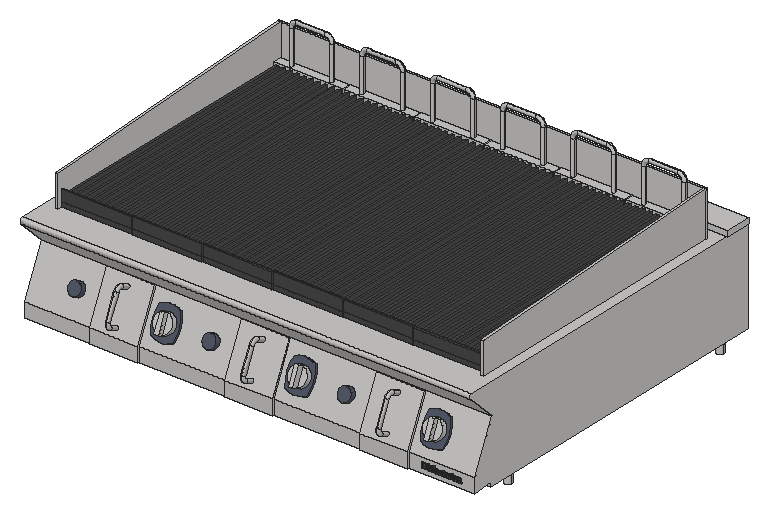
Revit family "QF_ELECTROLUXPROFESSIONAL_391066_E9GRGLGC0P", category Specialty Equipment, Revit 2018
Family settings
  Round Connector Dimension = Use Diameter
  Part Type = Normal
  Work Plane-Based = No
  Always vertical = Yes
  Cut with Voids When Loaded = No
  Shared = No
  Room Calculation Point = No
Parameters
  Width = 1200 mm  # constant formula
  Weight in Pounds = 150  # constant formula
  Watts = 0 W
  URL Cutsheet = "www.electrolux.com"
  URL = "www.electrolux.com"
  Type Mark [instance] = ""
  Status [instance] = ""
  Specification by User [instance] = ""
  Specification by Manufacturer = ""
  Show Logo [instance] = yes
  Show Clearance [instance] = yes
  Serial Number = ""
  Seismic Rating = ""
  SMACNA No = ""
  Revision Code [instance] = ""
  Omniclass Number and Title = ""
  NAFEM Spec ID Number = ""
  Model = "391066"
  Mechanical Remarks [instance] = ""
  Mechanical Connection Type [instance] = ""
  Masterspec = ""
  Manufacturer = "ELECTROLUX"
  Item Number [instance] = ""
  Installed By [instance] = ""
  Identify Quantity as Lot [instance] = yes
  HP = "0 HP"
  Gas Size = 19.1 mm  # 0.75197"
  Gas RI Height [instance] = 0 mm
  Gas KW [instance] = 31.5  # constant formula
  Gas Input [instance] = 31471.1 VA  # 107384.0 Btu/h
  Gas Connection Height = 0 mm
  Furnished By [instance] = ""
  Foodservice Equipment Identifier [instance] = yes
  Direct Waste Size = 0"
  Description = "900XP 1200mm GAS POWERGRILL TOP HP - NATURAL/LPG GAS"
  Depth = 930 mm  # constant formula
  CSI MasterFormat = ""
  CSI Master Format = ""
  Base Height [instance] = 0 mm
Reference planes
  plane 1 "BACK": y = 0
  plane 2: z = 0
  plane 3 "LEFT": x = 0
  plane 4 "RIGHT": x = 1200
  plane 5 "FRONT": y = -930
  plane 6 "TOP": z = 275
  plane 7 "Center Y": x = 600
  plane 8 "Center X": y = -465
  plane 9: z = 24
  plane 10: z = 424
  plane 11: x = 11
  plane 12: x = 1189
  plane 13: y = -1690
  plane 14: x = 1148
Forms (mm)
  Extrusion 1, solid, material "QF_Finishes_Stainless Steel"
    sketch origin (0, 0, 0) x (0, 1, 0) y (0, 0, 1)
      loop
        line (0, 275) -> (-922.639, 275)
        arc (-922.639, 275) -> (-929.44, 270.456) -> (-927.844, 262.434) r 7.361
        line (-927.844, 262.434) -> (-857.044, 191.634) -> (-913.4, 69.19) -> (-913.4, 31.09) -> (-860.028, 36.7) -> (-860.028, 24) -> (0, 24) -> (0, 275)
    from 0 to 1200
  Extrusion 2, solid, material "QF_Finishes_Stainless Steel"
    sketch origin (0, 0, 0) x (1, 0, 0) y (0, 1, 0)
      loop
        circle (11, -80) r 9.525
      loop
        circle (11, -788) r 9.525
      loop
        circle (1189, -80) r 9.525
      loop
        circle (1189, -788) r 9.525
    from 0 to 24
  Extrusion 3, solid, material "QF_Clearances", visible <- "Show Clearance", detail levels coarse
    sketch origin (0, 0, 0) x (1, 0, 0) y (0, 1, 0)
      loop
        line (0, -930) -> (0, 0) -> (1200, 0) -> (1200, -930) -> (1350.119, -930) -> (1350.119, 150.019) -> (-150.019, 150.019) -> (-150.019, -930) -> (0, -930)
    from 0 to 424
  Extrusion 4, solid, material "QF_Finishes_Stainless Steel"
    sketch origin (176.15, -199.714, 0) x (0, 1, 0) y (0, 0, 1)
      loop
        line (-657.416, 191.447) -> (-660.323, 192.784) -> (-716.972, 69.704) -> (-716.972, 30.903) -> (-713.772, 30.903) -> (-713.772, 69.003) -> (-657.416, 191.447)
    from 0 to 127
  Sweep 5, solid, material "QF_Finishes_Stainless Steel"
    path origin (238.65, -199.714, 0) x (0, 1, 0) y (0, 0, 1)
      loop
        line (-670.615, 170.424) -> (-691.243, 179.918)
        arc (-691.243, 179.918) -> (-700.956, 180.294) -> (-708.09, 173.692) r 12.7
        line (-708.09, 173.692) -> (-735.638, 113.839)
        arc (-735.638, 113.839) -> (-736.013, 104.126) -> (-729.411, 96.993) r 12.7
        line (-729.411, 96.993) -> (-708.782, 87.498)
    profile origin (238.65, -880.643, 175.171) x (0, -0.418102, -0.9084) y (1, 0, 0)
      loop
        circle (0, 0) r 4.572
  Extrusion 6, solid, material "QF_Finishes_Navy Blue"
    sketch origin (653.031, -927.103, 39.419) x (0, 0.418102, 0.9084) y (-1, 0, 0)
      loop
        circle (98.862, 174.801) r 17.8
      loop
        circle (98.862, 534.151) r 17.8
      loop
        circle (98.862, -186.549) r 17.8
    from 0 to 12.7
  Extrusion 7, solid, material "QF_Finishes_Stainless Steel"
    sketch origin (648.95, -199.714, 0) x (0, 1, 0) y (0, 0, -1)
      loop
        line (-657.416, -191.447) -> (-713.772, -69.003) -> (-713.772, -30.903) -> (-716.972, -30.903) -> (-716.972, -69.704) -> (-660.323, -192.784) -> (-657.416, -191.447)
    from -13.55 to 113.45
  Sweep 8, solid, material "QF_Finishes_Stainless Steel"
    path origin (600, -199.714, 0) x (0, 1, 0) y (0, 0, -1)
      loop
        line (-670.615, -170.424) -> (-691.243, -179.918)
        arc (-691.243, -179.918) -> (-700.956, -180.294) -> (-708.09, -173.692) r 12.7
        line (-708.09, -173.692) -> (-735.638, -113.839)
        arc (-735.638, -113.839) -> (-736.013, -104.126) -> (-729.411, -96.993) r 12.7
        line (-729.411, -96.993) -> (-708.782, -87.498)
    profile origin (600, -880.643, 175.171) x (0, 0.418102, 0.9084) y (-1, 0, 0)
      loop
        circle (0, 0) r 4.572
  Extrusion 9, solid, material "QF_Door-Drawer Clearances", visible <- "Show Clearance", detail levels coarse
    sketch origin (176.15, -199.714, 0) x (0, 1, 0) y (0, 0, 1)
      loop
        line (-660.323, 192.784) -> (-1409.258, 192.784) -> (-1465.907, 69.704) -> (-1465.907, 30.903) -> (-716.972, 30.903) -> (-716.972, 69.704) -> (-660.323, 192.784)
    from 0 to 127
  Extrusion 10, solid, material "QF_Door-Drawer Clearances", visible <- "Show Clearance", detail levels coarse
    sketch origin (535.5, -199.714, 0) x (0, 1, 0) y (0, 0, 1)
      loop
        line (-660.323, 192.784) -> (-1409.258, 192.784) -> (-1465.907, 69.704) -> (-1465.907, 30.903) -> (-716.972, 30.903) -> (-716.972, 69.704) -> (-660.323, 192.784)
    from 0 to 127
  Sweep 11, solid, material "QF_Door-Drawer Clearances", visible <- "Show Clearance", detail levels coarse
    path origin (238.65, -948.649, 0) x (0, 1, 0) y (0, 0, 1)
      loop
        line (-670.615, 170.424) -> (-691.243, 179.918)
        arc (-691.243, 179.918) -> (-700.956, 180.294) -> (-708.09, 173.692) r 12.7
        line (-708.09, 173.692) -> (-735.638, 113.839)
        arc (-735.638, 113.839) -> (-736.013, 104.126) -> (-729.411, 96.993) r 12.7
        line (-729.411, 96.993) -> (-708.782, 87.498)
    profile origin (238.65, -1629.578, 175.171) x (0, -0.418102, -0.9084) y (1, 0, 0)
      loop
        circle (0, 0) r 4.572
  Sweep 12, solid, material "QF_Door-Drawer Clearances", visible <- "Show Clearance", detail levels coarse
    path origin (600, -948.649, 0) x (0, 1, 0) y (0, 0, -1)
      loop
        line (-670.615, -170.424) -> (-691.243, -179.918)
        arc (-691.243, -179.918) -> (-700.956, -180.294) -> (-708.09, -173.692) r 12.7
        line (-708.09, -173.692) -> (-735.638, -113.839)
        arc (-735.638, -113.839) -> (-736.013, -104.126) -> (-729.411, -96.993) r 12.7
        line (-729.411, -96.993) -> (-708.782, -87.498)
    profile origin (600, -1629.578, 175.171) x (0, 0.418102, 0.9084) y (-1, 0, 0)
      loop
        circle (0, 0) r 4.572
  Extrusion 13, solid, material "QF_Finishes_Black"
    sketch origin (0, 0, 275) x (0, -1, 0) y (1, 0, 0)
      loop
        line (836.985, 36.625) -> (836.985, 222.285) -> (130.285, 222.285) -> (130.285, 36.625) -> (836.985, 36.625)
      loop
        line (836.985, 225.485) -> (836.985, 411.145) -> (130.285, 411.145) -> (130.285, 225.485) -> (836.985, 225.485)
      loop
        line (836.985, 414.345) -> (836.985, 598.45) -> (130.285, 598.45) -> (130.285, 414.345) -> (836.985, 414.345)
      loop
        line (836.985, 1163.375) -> (130.285, 1163.375) -> (130.285, 977.715) -> (836.985, 977.715) -> (836.985, 1163.375)
      loop
        line (836.985, 974.515) -> (130.285, 974.515) -> (130.285, 788.855) -> (836.985, 788.855) -> (836.985, 974.515)
      loop
        line (836.985, 785.655) -> (130.285, 785.655) -> (130.285, 601.55) -> (836.985, 601.55) -> (836.985, 785.655)
    from 0 to 12.7
  Extrusion 14, solid, material "QF_Finishes_Stainless Steel"
    sketch origin (0, 0, 275) x (0, -1, 0) y (1, 0, 0)
      loop
        line (107.795, 36.625) -> (130.285, 36.625) -> (130.285, 222.285) -> (107.795, 222.285) -> (107.795, 36.625)
      loop
        line (107.795, 598.45) -> (107.795, 414.345) -> (130.285, 414.345) -> (130.285, 598.45) -> (107.795, 598.45)
      loop
        line (107.795, 225.485) -> (130.285, 225.485) -> (130.285, 411.145) -> (107.795, 411.145) -> (107.795, 225.485)
      loop
        line (107.795, 1163.375) -> (107.795, 977.715) -> (130.285, 977.715) -> (130.285, 1163.375) -> (107.795, 1163.375)
      loop
        line (107.795, 601.55) -> (130.285, 601.55) -> (130.285, 785.655) -> (107.795, 785.655) -> (107.795, 601.55)
      loop
        line (107.795, 974.515) -> (107.795, 788.855) -> (130.285, 788.855) -> (130.285, 974.515) -> (107.795, 974.515)
    from 0 to 37.056
  Extrusion 15, solid, material "QF_Finishes_Black"
    sketch origin (52.271, -831.985, 287.7) x (-0.153405, 0, 0.988163) y (-0.988163, 0, -0.153405)
      loop
        line (-26.081, -168.002) -> (2.927, -172.505) -> (31.408, 10.957) -> (2.4, 15.46) -> (-26.081, -168.002)
      loop
        line (-55.053, -354.627) -> (-26.045, -359.13) -> (2.436, -175.668) -> (-26.572, -171.164) -> (-55.053, -354.627)
      loop
        line (-83.787, -539.715) -> (-54.779, -544.218) -> (-26.536, -362.292) -> (-55.544, -357.789) -> (-83.787, -539.715)
      loop
        line (-112.505, -724.704) -> (-83.497, -729.207) -> (-55.254, -547.281) -> (-84.262, -542.778) -> (-112.505, -724.704)
      loop
        line (-141.477, -911.328) -> (-112.469, -915.831) -> (-83.988, -732.369) -> (-112.996, -727.866) -> (-141.477, -911.328)
      loop
        line (-170.449, -1097.953) -> (-141.441, -1102.456) -> (-112.96, -918.994) -> (-141.968, -914.49) -> (-170.449, -1097.953)
    from 5 to 0
  Sweep 16, solid, material "QF_Finishes_Stainless Steel"
    path origin (6.123, -118.772, 31.265) x (0, 0, 1) y (-1, 0, 0)
      loop
        line (280.79, -69.374) -> (372.677, -69.374)
        arc (372.677, -69.374) -> (383.453, -73.837) -> (387.917, -84.614) r 15.24
        line (387.917, -84.614) -> (387.917, -162.056)
        arc (387.917, -162.056) -> (383.453, -172.833) -> (372.677, -177.296) r 15.24
        line (372.677, -177.296) -> (280.79, -177.296)
    profile origin (75.497, -118.772, 357.999) x (-1, 0, 0) y (0, -1, 0)
      loop
        circle (0, 0) r 4.572
  Extrusion 17, solid, material "QF_Finishes_Stainless Steel"
    sketch origin (35.025, -104.885, 396.363) x (0, -1, 0) y (0, 0, -1)
      loop
        line (0, 0) -> (743.115, 38.857) -> (743.115, 121.362) -> (0, 121.363) -> (0, 0)
    from 0 to -6.35
  Extrusion 18, solid, material "QF_Finishes_Stainless Steel"
    sketch origin (35.025, -104.885, 275) x (0, 0, 1) y (1, 0, 0)
      loop
        line (0, -6.35) -> (121.363, -6.35) -> (121.363, 1136.3) -> (0, 1136.3) -> (0, -6.35)
    from 0 to 3.2
  Extrusion 19, solid, material "QF_Finishes_Stainless Steel"
    sketch origin (0, 0, 275.7) x (0, -1, 0) y (1, 0, 0)
      loop
        line (0, 1200.1) -> (0, 0) -> (69.85, 0) -> (69.85, 1200.1) -> (0, 1200.1)
    from -0.7 to 14.3
  Extrusion 20, solid, material "QF_Finishes_Stainless Steel"
    sketch origin (764.975, -104.885, 396.363) x (0, -1, 0) y (0, 0, 1)
      loop
        line (0, 0) -> (0, -121.363) -> (743.115, -121.362) -> (743.115, -38.857) -> (0, 0)
    from -406.35 to -400
  Extrusion 21, solid, material "QF_Finishes_Stainless Steel"
    sketch origin (0, -101.6, 24) x (-1, 0, 0) y (0, 1, 0)
      loop
        circle (-1147.9, -561.4) r 9.525
    from 0 to 9
  Extrusion 22, solid, material "QF_Finishes_Stainless Steel"
    sketch origin (0, 0, 0) x (1, 0, 0) y (0, 0, 1)
      loop
        circle (1148, 78) r 9.525
    from 50 to 101.685
  Sweep 23, solid, material "QF_Finishes_Stainless Steel"
    path origin (194.983, -118.772, 31.265) x (0, 0, 1) y (-1, 0, 0)
      loop
        line (280.79, -69.374) -> (372.677, -69.374)
        arc (372.677, -69.374) -> (383.453, -73.837) -> (387.917, -84.614) r 15.24
        line (387.917, -84.614) -> (387.917, -162.056)
        arc (387.917, -162.056) -> (383.453, -172.833) -> (372.677, -177.296) r 15.24
        line (372.677, -177.296) -> (280.79, -177.296)
    profile origin (264.357, -118.772, 357.999) x (-1, 0, 0) y (0, -1, 0)
      loop
        circle (0, 0) r 4.572
  Sweep 24, solid, material "QF_Finishes_Stainless Steel"
    path origin (383.066, -118.772, 31.265) x (0, 0, 1) y (-1, 0, 0)
      loop
        line (280.79, -69.374) -> (372.677, -69.374)
        arc (372.677, -69.374) -> (383.453, -73.837) -> (387.917, -84.614) r 15.24
        line (387.917, -84.614) -> (387.917, -162.056)
        arc (387.917, -162.056) -> (383.453, -172.833) -> (372.677, -177.296) r 15.24
        line (372.677, -177.296) -> (280.79, -177.296)
    profile origin (452.439, -118.772, 357.999) x (-1, 0, 0) y (0, -1, 0)
      loop
        circle (0, 0) r 4.572
  Sweep 25, solid, material "QF_Finishes_Stainless Steel"
    path origin (570.271, -118.772, 31.265) x (0, 0, 1) y (-1, 0, 0)
      loop
        line (280.79, -69.374) -> (372.677, -69.374)
        arc (372.677, -69.374) -> (383.453, -73.837) -> (387.917, -84.614) r 15.24
        line (387.917, -84.614) -> (387.917, -162.056)
        arc (387.917, -162.056) -> (383.453, -172.833) -> (372.677, -177.296) r 15.24
        line (372.677, -177.296) -> (280.79, -177.296)
    profile origin (639.644, -118.772, 357.999) x (-1, 0, 0) y (0, -1, 0)
      loop
        circle (0, 0) r 4.572
  Sweep 26, solid, material "QF_Finishes_Stainless Steel"
    path origin (758.353, -118.772, 31.265) x (0, 0, 1) y (-1, 0, 0)
      loop
        line (280.79, -69.374) -> (372.677, -69.374)
        arc (372.677, -69.374) -> (383.453, -73.837) -> (387.917, -84.614) r 15.24
        line (387.917, -84.614) -> (387.917, -162.056)
        arc (387.917, -162.056) -> (383.453, -172.833) -> (372.677, -177.296) r 15.24
        line (372.677, -177.296) -> (280.79, -177.296)
    profile origin (827.727, -118.772, 357.999) x (-1, 0, 0) y (0, -1, 0)
      loop
        circle (0, 0) r 4.572
  Sweep 27, solid, material "QF_Finishes_Stainless Steel"
    path origin (947.213, -118.772, 31.265) x (0, 0, 1) y (-1, 0, 0)
      loop
        line (280.79, -69.374) -> (372.677, -69.374)
        arc (372.677, -69.374) -> (383.453, -73.837) -> (387.917, -84.614) r 15.24
        line (387.917, -84.614) -> (387.917, -162.056)
        arc (387.917, -162.056) -> (383.453, -172.833) -> (372.677, -177.296) r 15.24
        line (372.677, -177.296) -> (280.79, -177.296)
    profile origin (1016.587, -118.772, 357.999) x (-1, 0, 0) y (0, -1, 0)
      loop
        circle (0, 0) r 4.572
  Extrusion 28, solid, material "QF_Finishes_Stainless Steel"
    sketch origin (1023.85, -199.714, 0) x (0, 1, 0) y (0, 0, -1)
      loop
        line (-657.416, -191.447) -> (-713.772, -69.003) -> (-713.772, -30.903) -> (-716.972, -30.903) -> (-716.972, -69.704) -> (-660.323, -192.784) -> (-657.416, -191.447)
    from 0 to 127
  Sweep 29, solid, material "QF_Finishes_Stainless Steel"
    path origin (961.35, -199.714, 0) x (0, 1, 0) y (0, 0, -1)
      loop
        line (-670.615, -170.424) -> (-691.243, -179.918)
        arc (-691.243, -179.918) -> (-700.956, -180.294) -> (-708.09, -173.692) r 12.7
        line (-708.09, -173.692) -> (-735.638, -113.839)
        arc (-735.638, -113.839) -> (-736.013, -104.126) -> (-729.411, -96.993) r 12.7
        line (-729.411, -96.993) -> (-708.782, -87.498)
    profile origin (961.35, -880.643, 175.171) x (0, 0.418102, 0.9084) y (-1, 0, 0)
      loop
        circle (0, 0) r 4.572
  Extrusion 30, solid, material "QF_Door-Drawer Clearances", visible <- "Show Clearance", detail levels coarse
    sketch origin (1023.85, -199.714, 0) x (0, 1, 0) y (0, 0, -1)
      loop
        line (-660.323, -192.784) -> (-716.972, -69.704) -> (-716.972, -30.903) -> (-1465.907, -30.903) -> (-1465.907, -69.704) -> (-1409.258, -192.784) -> (-660.323, -192.784)
    from 0 to 127
  Sweep 31, solid, material "QF_Door-Drawer Clearances", visible <- "Show Clearance", detail levels coarse
    path origin (961.35, -948.649, 0) x (0, 1, 0) y (0, 0, -1)
      loop
        line (-670.615, -170.424) -> (-691.243, -179.918)
        arc (-691.243, -179.918) -> (-700.956, -180.294) -> (-708.09, -173.692) r 12.7
        line (-708.09, -173.692) -> (-735.638, -113.839)
        arc (-735.638, -113.839) -> (-736.013, -104.126) -> (-729.411, -96.993) r 12.7
        line (-729.411, -96.993) -> (-708.782, -87.498)
    profile origin (961.35, -1629.578, 175.171) x (0, 0.418102, 0.9084) y (-1, 0, 0)
      loop
        circle (0, 0) r 4.572
  Extrusion 32, solid, material "QF_Finishes_Navy Blue"
    sketch origin (-183.02, -913.486, 69.003) x (0, 0.418102, 0.9084) y (-1, 0, 0)
      loop
        arc (102.623, -510.47) -> (67.041, -502.846) -> (31.333, -509.853) r 90.5
        arc (31.333, -509.853) -> (24.507, -539.04) -> (31.333, -568.228) r 65.817
        arc (31.333, -568.228) -> (67.04, -575.188) -> (102.623, -567.615) r 91.066
        arc (102.623, -567.615) -> (109.179, -539.043) -> (102.623, -510.47) r 65.546
    from 0 to 3.175
  Extrusion 33, solid, material "QF_Finishes_Stainless Steel"
    sketch origin (195.73, -917.2, 68.529) x (0, 0.418102, 0.9084) y (-1, 0, 0)
      loop
        circle (68.826, -160.963) r 25.4
    from 0 to 12.7
  Extrusion 34, solid, material "QF_Finishes_Stainless Steel"
    sketch origin (195.73, -928.736, 73.839) x (0, 0.418102, 0.9084) y (-1, 0, 0)
      loop
        arc (93.558, -166.749) -> (94.226, -160.963) -> (93.558, -155.177) r 25.4
        line (93.558, -155.177) -> (44.094, -155.177)
        arc (44.094, -155.177) -> (43.426, -160.963) -> (44.094, -166.749) r 25.4
        line (44.094, -166.749) -> (93.558, -166.749)
    from 0 to 12.7
  Extrusion 35, solid, material "QF_Finishes_Navy Blue", visible <- "Show Logo"
    sketch origin (773.349, -913.486, 37.153) x (0, 0, 1) y (-1, 0, 0)
      loop
        line (20.674, -296.698) -> (8.307, -296.698)
        arc (8.307, -296.698) -> (14.491, -301.27) -> (20.674, -296.698) r 6.467
      loop
        arc (20.674, -296.069) -> (19.505, -290.926) -> (14.849, -288.448) r 6.338
        line (14.849, -288.448) -> (14.849, -290.494)
        arc (14.849, -290.494) -> (16.333, -294.149) -> (19.778, -296.069) r 5.941
        line (19.778, -296.069) -> (20.674, -296.069)
      loop
        arc (9.203, -296.069) -> (12.648, -294.149) -> (14.132, -290.494) r 5.941
        line (14.132, -290.494) -> (14.132, -288.448)
        arc (14.132, -288.448) -> (9.438, -290.922) -> (8.148, -296.069) r 6.504
        line (8.148, -296.069) -> (9.203, -296.069)
      loop
        line (21.349, -287.979) -> (7.604, -287.979) -> (7.604, -301.742) -> (21.349, -301.742) -> (21.349, -287.979)
      loop
        arc (21.432, -304.71) -> (21.085, -304.352) -> (20.718, -304.69) r 0.358
        arc (20.718, -304.69) -> (20.404, -305.44) -> (19.687, -305.825) r 1.216
        line (19.687, -305.825) -> (9.274, -305.825)
        arc (9.274, -305.825) -> (8.614, -305.548) -> (8.218, -304.951) r 1.238
        arc (8.218, -304.951) -> (7.823, -304.7) -> (7.518, -305.054) r 0.358
        line (7.518, -305.054) -> (7.518, -314.933) -> (10.269, -314.933) -> (10.269, -314.036)
        arc (10.269, -314.036) -> (9.36, -313.456) -> (8.904, -312.479) r 1.928
        line (8.904, -312.479) -> (8.904, -309.98)
        arc (8.904, -309.98) -> (9.18, -309.251) -> (9.868, -308.887) r 1.101
        line (9.868, -308.887) -> (13.955, -308.887) -> (13.955, -312.561)
        arc (13.955, -312.561) -> (13.602, -313.058) -> (13.037, -313.286) r 1.083
        arc (13.037, -313.286) -> (12.773, -313.591) -> (13.065, -313.869) r 0.292
        line (13.065, -313.869) -> (16.028, -313.869)
        arc (16.028, -313.869) -> (16.33, -313.596) -> (16.092, -313.266) r 0.305
        arc (16.092, -313.266) -> (15.601, -313.018) -> (15.296, -312.561) r 1.083
        line (15.296, -312.561) -> (15.296, -308.887) -> (19.973, -308.887) -> (19.973, -312.635)
        arc (19.973, -312.635) -> (19.759, -313.39) -> (19.153, -313.888) r 1.314
        arc (19.153, -313.888) -> (18.934, -314.292) -> (19.288, -314.585) r 0.361
        line (19.288, -314.585) -> (21.432, -314.585) -> (21.432, -304.71)
      loop
        arc (20.715, -315.365) -> (20.335, -316.284) -> (19.416, -316.664) r 1.299
        line (19.416, -316.664) -> (9.837, -316.664)
        arc (9.837, -316.664) -> (8.999, -316.286) -> (8.728, -315.408) r 1.118
        line (8.728, -315.408) -> (7.518, -315.408) -> (7.518, -320.758) -> (8.706, -320.758)
        arc (8.706, -320.758) -> (8.978, -319.841) -> (9.848, -319.445) r 1.153
        line (9.848, -319.445) -> (21.92, -319.445) -> (20.715, -315.365)
      loop
        line (12.483, -323.394) -> (12.483, -329.842) -> (13.282, -329.842)
        arc (13.282, -329.842) -> (15.862, -328.857) -> (17.131, -326.404) r 3.874
        line (17.131, -326.404) -> (17.131, -324.643)
        arc (17.131, -324.643) -> (15.944, -321.778) -> (13.08, -320.592) r 4.051
        line (13.08, -320.592) -> (11.072, -320.592)
        arc (11.072, -320.592) -> (8.253, -322.077) -> (7.202, -325.084) r 4.352
        arc (7.202, -325.084) -> (7.566, -327.547) -> (8.943, -329.621) r 5.713
        line (8.943, -329.621) -> (9.892, -329.621)
        arc (9.892, -329.621) -> (9.16, -328.052) -> (8.943, -326.334) r 5.579
        arc (8.943, -326.334) -> (9.737, -324.371) -> (11.616, -323.394) r 3.057
        line (11.616, -323.394) -> (12.483, -323.394)
      loop
        line (13.742, -323.394) -> (13.742, -326.977)
        arc (13.742, -326.977) -> (15.199, -327.024) -> (16.082, -325.864) r 1.59
        line (16.082, -325.864) -> (16.082, -325.034)
        arc (16.082, -325.034) -> (15.217, -323.779) -> (13.742, -323.394) r 2.184
      loop
        arc (16.533, -339.259) -> (17.022, -337.585) -> (17.179, -335.848) r 9.023
        line (17.179, -335.848) -> (17.179, -334.486)
        arc (17.179, -334.486) -> (16.02, -331.686) -> (13.22, -330.527) r 3.959
        line (13.22, -330.527) -> (10.62, -330.527)
        arc (10.62, -330.527) -> (8.338, -331.819) -> (7.221, -334.192) r 4.331
        line (7.221, -334.192) -> (7.221, -336.327)
        arc (7.221, -336.327) -> (7.729, -337.877) -> (8.651, -339.223) r 5.772
        arc (8.651, -339.223) -> (9.412, -339.274) -> (9.499, -338.515) r 0.553
        arc (9.499, -338.515) -> (9.111, -337.781) -> (8.977, -336.962) r 2.573
        line (8.977, -336.962) -> (8.977, -335.447)
        arc (8.977, -335.447) -> (9.983, -333.806) -> (11.798, -333.163) r 2.884
        line (11.798, -333.163) -> (13.077, -333.163)
        arc (13.077, -333.163) -> (14.898, -333.723) -> (15.824, -335.388) r 2.554
        line (15.824, -335.388) -> (15.824, -336.441)
        arc (15.824, -336.441) -> (15.493, -337.369) -> (14.836, -338.104) r 2.564
        arc (14.836, -338.104) -> (14.614, -338.821) -> (15.223, -339.259) r 0.643
        line (15.223, -339.259) -> (16.533, -339.259)
      loop
        line (15.515, -339.53) -> (15.515, -341.031) -> (9.467, -341.031)
        arc (9.467, -341.031) -> (7.879, -341.688) -> (7.221, -343.276) r 2.246
        line (7.221, -343.276) -> (7.221, -344.86)
        arc (7.221, -344.86) -> (7.535, -345.725) -> (8.035, -346.496) r 4.06
        arc (8.035, -346.496) -> (8.768, -346.629) -> (9.019, -345.928) r 0.576
        arc (9.019, -345.928) -> (8.913, -345.403) -> (8.977, -344.87) r 1.69
        arc (8.977, -344.87) -> (9.519, -344.082) -> (10.425, -343.779) r 1.506
        line (10.425, -343.779) -> (15.563, -343.779) -> (15.563, -346.176) -> (16.119, -346.733) -> (16.941, -346.733) -> (16.941, -343.873) -> (20.172, -343.873) -> (15.515, -339.53)
      loop
        line (7.438, -347.63) -> (7.438, -353.017) -> (8.548, -353.017)
        arc (8.548, -353.017) -> (8.942, -352.066) -> (9.893, -351.672) r 1.345
        line (9.893, -351.672) -> (13.509, -351.672)
        arc (13.509, -351.672) -> (14.274, -352.264) -> (14.564, -353.186) r 1.615
        line (14.564, -353.186) -> (14.564, -354.742) -> (17.119, -355.427) -> (17.119, -354.044) -> (15.177, -351.485) -> (17.057, -351.485) -> (16.773, -348.779)
        arc (16.773, -348.779) -> (16.333, -348.249) -> (15.674, -348.45) r 0.621
        arc (15.674, -348.45) -> (15.274, -348.792) -> (14.78, -348.975) r 1.501
        line (14.78, -348.975) -> (9.893, -348.975)
        arc (9.893, -348.975) -> (8.942, -348.581) -> (8.548, -347.63) r 1.345
        line (8.548, -347.63) -> (7.438, -347.63)
      loop
        line (13.54, -354.964) -> (10.848, -354.964)
        arc (10.848, -354.964) -> (8.403, -356.272) -> (7.269, -358.803) r 4.288
        arc (7.269, -358.803) -> (7.205, -360.183) -> (7.269, -361.563) r 15.022
        arc (7.269, -361.563) -> (8.403, -364.094) -> (10.848, -365.401) r 4.288
        line (10.848, -365.401) -> (13.54, -365.401)
        arc (13.54, -365.401) -> (15.986, -364.094) -> (17.119, -361.563) r 4.288
        arc (17.119, -361.563) -> (17.183, -360.183) -> (17.119, -358.803) r 15.022
        arc (17.119, -358.803) -> (15.986, -356.272) -> (13.54, -354.964) r 4.288
      loop
        line (13.745, -358.078) -> (10.643, -358.078)
        arc (10.643, -358.078) -> (8.486, -360.235) -> (10.643, -362.392) r 2.157
        line (10.643, -362.392) -> (13.745, -362.392)
        arc (13.745, -362.392) -> (15.902, -360.235) -> (13.745, -358.078) r 2.157
      loop
        arc (20.726, -365.26) -> (20.355, -366.154) -> (19.461, -366.524) r 1.264
        line (19.461, -366.524) -> (9.597, -366.524)
        arc (9.597, -366.524) -> (8.727, -366.127) -> (8.455, -365.211) r 1.153
        line (8.455, -365.211) -> (7.518, -365.211) -> (7.518, -370.319) -> (8.446, -370.319)
        arc (8.446, -370.319) -> (8.805, -369.547) -> (9.597, -369.232) r 1.153
        line (9.597, -369.232) -> (21.92, -369.232) -> (20.726, -365.26)
      loop
        arc (15.846, -369.857) -> (15.647, -370.921) -> (14.678, -371.403) r 1.215
        line (14.678, -371.403) -> (9.658, -371.403)
        arc (9.658, -371.403) -> (8.043, -372.051) -> (7.322, -373.634) r 2.338
        line (7.322, -373.634) -> (7.322, -375.148)
        arc (7.322, -375.148) -> (7.497, -376.152) -> (7.999, -377.038) r 2.979
        line (7.999, -377.038) -> (7.518, -378.835) -> (7.518, -380.524) -> (16.943, -380.524) -> (16.649, -376.32) -> (15.863, -376.32)
        arc (15.863, -376.32) -> (15.507, -377.156) -> (14.755, -377.665) r 1.605
        line (14.755, -377.665) -> (9.652, -377.665)
        arc (9.652, -377.665) -> (9.232, -376.728) -> (9.159, -375.704) r 2.94
        arc (9.159, -375.704) -> (9.72, -374.603) -> (10.873, -374.16) r 1.724
        line (10.873, -374.16) -> (17.07, -374.16) -> (15.846, -369.857)
      loop
        line (16.874, -381.377) -> (15.202, -383.423) -> (12.028, -385.729) -> (8.572, -382.617)
        arc (8.572, -382.617) -> (8.335, -382.223) -> (8.357, -381.764) r 0.789
        line (8.357, -381.764) -> (7.518, -381.764) -> (7.518, -385.309) -> (8.344, -385.309)
        arc (8.344, -385.309) -> (8.686, -384.947) -> (9.176, -385.039) r 0.52
        line (9.176, -385.039) -> (10.976, -386.51) -> (8.858, -387.886)
        arc (8.858, -387.886) -> (8.457, -387.576) -> (8.37, -387.076) r 0.7
        line (8.37, -387.076) -> (7.518, -387.076) -> (7.518, -393.003) -> (8.405, -393.003)
        arc (8.405, -393.003) -> (8.472, -392.344) -> (8.866, -391.813) r 1.247
        line (8.866, -391.813) -> (13.066, -388.532) -> (15.513, -390.585) -> (16.874, -392.327) -> (16.874, -388.604) -> (15.389, -389.026) -> (13.868, -387.749) -> (15.568, -386.559) -> (16.874, -387.336) -> (16.874, -381.377)
    from 0 to 1.644
  Extrusion 36, solid, material "QF_Finishes_Navy Blue"
    sketch origin (176.33, -913.486, 69.003) x (0, 0.418102, 0.9084) y (-1, 0, 0)
      loop
        arc (102.623, -510.47) -> (67.041, -502.846) -> (31.333, -509.853) r 90.5
        arc (31.333, -509.853) -> (24.507, -539.04) -> (31.333, -568.228) r 65.817
        arc (31.333, -568.228) -> (67.04, -575.188) -> (102.623, -567.615) r 91.066
        arc (102.623, -567.615) -> (109.179, -539.043) -> (102.623, -510.47) r 65.546
    from 0 to 3.175
  Extrusion 37, solid, material "QF_Finishes_Stainless Steel"
    sketch origin (555.08, -917.2, 68.529) x (0, 0.418102, 0.9084) y (-1, 0, 0)
      loop
        circle (68.826, -160.963) r 25.4
    from 0 to 12.7
  Extrusion 38, solid, material "QF_Finishes_Stainless Steel"
    sketch origin (555.08, -928.736, 73.839) x (0, 0.418102, 0.9084) y (-1, 0, 0)
      loop
        arc (93.558, -166.749) -> (94.226, -160.963) -> (93.558, -155.177) r 25.4
        line (93.558, -155.177) -> (44.094, -155.177)
        arc (44.094, -155.177) -> (43.426, -160.963) -> (44.094, -166.749) r 25.4
        line (44.094, -166.749) -> (93.558, -166.749)
    from 0 to 12.7
  Extrusion 39, solid, material "QF_Finishes_Navy Blue"
    sketch origin (537.68, -913.486, 69.003) x (0, 0.418102, 0.9084) y (-1, 0, 0)
      loop
        arc (102.623, -510.47) -> (67.041, -502.846) -> (31.333, -509.853) r 90.5
        arc (31.333, -509.853) -> (24.507, -539.04) -> (31.333, -568.228) r 65.817
        arc (31.333, -568.228) -> (67.04, -575.188) -> (102.623, -567.615) r 91.066
        arc (102.623, -567.615) -> (109.179, -539.043) -> (102.623, -510.47) r 65.546
    from 0 to 3.175
  Extrusion 40, solid, material "QF_Finishes_Stainless Steel"
    sketch origin (916.43, -917.2, 68.529) x (0, 0.418102, 0.9084) y (-1, 0, 0)
      loop
        circle (68.826, -160.963) r 25.4
    from 0 to 12.7
  Extrusion 41, solid, material "QF_Finishes_Stainless Steel"
    sketch origin (916.43, -928.736, 73.839) x (0, 0.418102, 0.9084) y (-1, 0, 0)
      loop
        arc (93.558, -166.749) -> (94.226, -160.963) -> (93.558, -155.177) r 25.4
        line (93.558, -155.177) -> (44.094, -155.177)
        arc (44.094, -155.177) -> (43.426, -160.963) -> (44.094, -166.749) r 25.4
        line (44.094, -166.749) -> (93.558, -166.749)
    from 0 to 12.7
Lines and regions (mm)
  Split face 1
    outline origin (-183.02, -916.37, 70.33) x (0, 0.418102, 0.9084) y (-1, 0, 0)
      loop
        arc (67.041, -503.158) -> (48.669, -506.69) -> (35.363, -519.842) r 32.191
        line (35.363, -519.842) -> (45.047, -525.087)
        arc (45.047, -525.087) -> (54.648, -516.737) -> (67.041, -513.859) r 26.351
        line (67.041, -513.859) -> (67.041, -503.158)
  Split face 2
    outline origin (-183.02, -916.37, 70.33) x (0, 0.418102, 0.9084) y (-1, 0, 0)
      loop
        line (44.251, -526.293) -> (34.615, -521.075)
        arc (34.615, -521.075) -> (41.047, -560.592) -> (81.049, -562.261) r 31.684
        arc (81.049, -562.261) -> (48.21, -559.05) -> (44.251, -526.293) r 26.351
  Split face 3
    outline origin (176.33, -916.37, 70.33) x (0, 0.418102, 0.9084) y (-1, 0, 0)
      loop
        arc (67.041, -503.158) -> (48.669, -506.69) -> (35.363, -519.842) r 32.191
        line (35.363, -519.842) -> (45.047, -525.087)
        arc (45.047, -525.087) -> (54.648, -516.737) -> (67.041, -513.859) r 26.351
        line (67.041, -513.859) -> (67.041, -503.158)
  Split face 4
    outline origin (176.33, -916.37, 70.33) x (0, 0.418102, 0.9084) y (-1, 0, 0)
      loop
        line (44.251, -526.293) -> (34.615, -521.075)
        arc (34.615, -521.075) -> (41.047, -560.592) -> (81.049, -562.261) r 31.684
        arc (81.049, -562.261) -> (48.21, -559.05) -> (44.251, -526.293) r 26.351
  Split face 5
    outline origin (537.68, -916.37, 70.33) x (0, 0.418102, 0.9084) y (-1, 0, 0)
      loop
        arc (67.041, -503.158) -> (48.669, -506.69) -> (35.363, -519.842) r 32.191
        line (35.363, -519.842) -> (45.047, -525.087)
        arc (45.047, -525.087) -> (54.648, -516.737) -> (67.041, -513.859) r 26.351
        line (67.041, -513.859) -> (67.041, -503.158)
  Split face 6
    outline origin (537.68, -916.37, 70.33) x (0, 0.418102, 0.9084) y (-1, 0, 0)
      loop
        line (44.251, -526.293) -> (34.615, -521.075)
        arc (34.615, -521.075) -> (41.047, -560.592) -> (81.049, -562.261) r 31.684
        arc (81.049, -562.261) -> (48.21, -559.05) -> (44.251, -526.293) r 26.351
  symbolic lines, style "QF_Door-Drawer Clearances"
    curve 1: line (303.15, -1665.621, 0) -> (303.15, -930, 0)
    curve 2: line (303.15, -1665.621, 0) -> (243.222, -1665.621, 0)
    curve 3: line (176.15, -1665.621, 0) -> (176.15, -930, 0)
    curve 4: spline (238.65, -1617.352, 0) -> (239.247, -1617.369, 0) -> (239.833, -1617.417, 0) -> (240.4, -1617.498, 0) -> (240.936, -1617.608, 0) -> (241.433, -1617.747, 0) -> (241.883, -1617.912, 0) -> (242.277, -1618.1, 0) -> (242.609, -1618.308, 0) -> (242.874, -1618.532, 0) -> (243.066, -1618.769, 0) -> (243.183, -1619.014, 0) -> (243.222, -1619.264, 0)
    curve 5: spline (234.078, -1619.264, 0) -> (234.117, -1619.014, 0) -> (234.234, -1618.769, 0) -> (234.426, -1618.532, 0) -> (234.691, -1618.308, 0) -> (235.023, -1618.1, 0) -> (235.417, -1617.912, 0) -> (235.867, -1617.747, 0) -> (236.364, -1617.608, 0) -> (236.9, -1617.498, 0) -> (237.467, -1617.417, 0) -> (238.053, -1617.369, 0) -> (238.65, -1617.352, 0)
    curve 6: line (243.222, -1619.264, 0) -> (243.222, -1685.435, 0)
    curve 7: line (234.078, -1619.264, 0) -> (234.078, -1685.435, 0)
    curve 8: arc (234.078, -1685.435, 0) -> (238.65, -1690.007, 0) -> (243.222, -1685.435, 0) r 4.572
    curve 9: line (662.5, -1665.621, 0) -> (662.5, -930, 0)
    curve 10: line (662.5, -1665.621, 0) -> (604.572, -1665.621, 0)
    curve 11: line (535.5, -1665.621, 0) -> (535.5, -930, 0)
    curve 12: spline (600, -1617.352, 0) -> (600.597, -1617.369, 0) -> (601.183, -1617.417, 0) -> (601.75, -1617.498, 0) -> (602.286, -1617.608, 0) -> (602.783, -1617.747, 0) -> (603.233, -1617.912, 0) -> (603.627, -1618.1, 0) -> (603.959, -1618.308, 0) -> (604.224, -1618.532, 0) -> (604.416, -1618.769, 0) -> (604.533, -1619.014, 0) -> (604.572, -1619.264, 0)
    curve 13: spline (595.428, -1619.264, 0) -> (595.467, -1619.014, 0) -> (595.584, -1618.769, 0) -> (595.776, -1618.532, 0) -> (596.041, -1618.308, 0) -> (596.373, -1618.1, 0) -> (596.767, -1617.912, 0) -> (597.217, -1617.747, 0) -> (597.714, -1617.608, 0) -> (598.25, -1617.498, 0) -> (598.817, -1617.417, 0) -> (599.403, -1617.369, 0) -> (600, -1617.352, 0)
    curve 14: line (604.572, -1619.264, 0) -> (604.572, -1685.435, 0)
    curve 15: line (595.428, -1619.264, 0) -> (595.428, -1685.435, 0)
    curve 16: arc (595.428, -1685.435, 0) -> (600, -1690.007, 0) -> (604.572, -1685.435, 0) r 4.572
    curve 17: line (595.428, -1665.621, 0) -> (535.5, -1665.621, 0)
    curve 18: line (234.078, -1665.621, 0) -> (176.15, -1665.621, 0)
    curve 89: line (896.85, -1665.621, 0) -> (896.85, -930, 0)
    curve 90: line (896.85, -1665.621, 0) -> (956.778, -1665.621, 0)
    curve 91: line (1023.85, -1665.621, 0) -> (1023.85, -930, 0)
    curve 92: spline (961.35, -1617.352, 0) -> (960.753, -1617.369, 0) -> (960.167, -1617.417, 0) -> (959.6, -1617.498, 0) -> (959.064, -1617.608, 0) -> (958.567, -1617.747, 0) -> (958.117, -1617.912, 0) -> (957.723, -1618.1, 0) -> (957.391, -1618.308, 0) -> (957.126, -1618.532, 0) -> (956.934, -1618.769, 0) -> (956.817, -1619.014, 0) -> (956.778, -1619.264, 0)
    curve 93: spline (965.922, -1619.264, 0) -> (965.883, -1619.014, 0) -> (965.766, -1618.769, 0) -> (965.574, -1618.532, 0) -> (965.309, -1618.308, 0) -> (964.977, -1618.1, 0) -> (964.583, -1617.912, 0) -> (964.133, -1617.747, 0) -> (963.636, -1617.608, 0) -> (963.1, -1617.498, 0) -> (962.533, -1617.417, 0) -> (961.947, -1617.369, 0) -> (961.35, -1617.352, 0)
    curve 94: line (956.778, -1619.264, 0) -> (956.778, -1685.435, 0)
    curve 95: line (965.922, -1619.264, 0) -> (965.922, -1685.435, 0)
    curve 96: arc (965.922, -1685.435, 0) -> (961.35, -1690.007, 0) -> (956.778, -1685.435, 0) r 4.572
    curve 97: line (965.922, -1665.621, 0) -> (1023.85, -1665.621, 0)
  symbolic lines, style "QF_Clearances", visible <- "Show Clearance", detail levels coarse
    curve 19: line (1350.119, -930, 0) -> (1350.119, 150.019, 0)
    curve 20: line (1350.119, 150.019, 0) -> (-150.019, 150.019, 0)
    curve 21: line (-150.019, 150.019, 0) -> (-150.019, -930, 0)
  symbolic lines
    curve 22: line (0, -930, 0) -> (1200, -930, 0)
    curve 23: line (0, 0, 0) -> (0, -930, 0)
    curve 24: line (1200, 0, 0) -> (0, 0, 0)
    curve 25: line (1200, -930, 0) -> (1200, 0, 0)
    curve 26: line (0, -69.85, 0) -> (1200, -69.85, 0)
    curve 27: line (1171.325, -848, 0) -> (1171.325, -98.535, 0)
    curve 28: line (35.025, -104.885, 0) -> (1164.975, -104.885, 0)
    curve 29: line (1164.975, -104.885, 0) -> (1164.975, -848, 0)
    curve 30: line (36.625, -836.985, 0) -> (222.285, -836.985, 0)
    curve 31: line (222.285, -831.985, 0) -> (36.625, -831.985, 0)
    curve 32: line (598.45, -831.985, 0) -> (414.345, -831.985, 0)
    curve 33: line (601.55, -836.985, 0) -> (785.655, -836.985, 0)
    curve 34: line (785.655, -831.985, 0) -> (601.55, -831.985, 0)
    curve 35: line (788.855, -836.985, 0) -> (974.515, -836.985, 0)
    curve 36: line (1163.375, -831.985, 0) -> (977.715, -831.985, 0)
    curve 37: line (1164.975, -848, 0) -> (1171.325, -848, 0)
    curve 38: line (28.675, -848, 0) -> (28.675, -98.535, 0)
    curve 39: line (35.025, -104.885, 0) -> (35.025, -848, 0)
    curve 40: line (35.025, -848, 0) -> (28.675, -848, 0)
    curve 41: line (28.675, -98.535, 0) -> (1171.325, -98.535, 0)
    curve 42: line (222.285, -836.985, 0) -> (222.285, -107.795, 0)
    curve 43: line (222.285, -107.795, 0) -> (36.625, -107.795, 0)
    curve 44: line (36.625, -130.285, 0) -> (222.285, -130.285, 0)
    curve 45: line (36.625, -107.795, 0) -> (36.625, -836.985, 0)
    curve 46: line (75.471, -123.344, 0) -> (183.439, -123.344, 0)
    curve 47: line (75.471, -114.2, 0) -> (183.439, -114.2, 0)
    curve 48: arc (183.439, -114.2, 0) -> (188.011, -118.772, 0) -> (183.439, -123.344, 0) r 4.572
    curve 49: arc (75.471, -114.2, 0) -> (70.899, -118.772, 0) -> (75.471, -123.344, 0) r 4.572
    curve 50: line (225.485, -836.985, 0) -> (411.145, -836.985, 0)
    curve 51: line (411.145, -836.985, 0) -> (411.145, -107.795, 0)
    curve 52: line (411.145, -107.795, 0) -> (225.485, -107.795, 0)
    curve 53: line (225.485, -130.285, 0) -> (411.145, -130.285, 0)
    curve 54: line (225.485, -107.795, 0) -> (225.485, -836.985, 0)
    curve 55: line (414.345, -836.985, 0) -> (414.345, -107.795, 0)
    curve 56: line (598.45, -107.795, 0) -> (414.345, -107.795, 0)
    curve 57: line (414.345, -130.285, 0) -> (598.45, -130.285, 0)
    curve 58: line (598.45, -836.985, 0) -> (598.45, -107.795, 0)
    curve 59: line (601.55, -836.985, 0) -> (601.55, -107.795, 0)
    curve 60: line (411.145, -831.985, 0) -> (225.485, -831.985, 0)
    curve 61: line (785.655, -836.985, 0) -> (785.655, -107.795, 0)
    curve 62: line (788.855, -836.985, 0) -> (788.855, -107.795, 0)
    curve 63: line (974.515, -836.985, 0) -> (974.515, -107.795, 0)
    curve 64: line (977.715, -836.985, 0) -> (977.715, -107.795, 0)
    curve 65: line (1163.375, -836.985, 0) -> (1163.375, -107.795, 0)
    curve 66: line (974.515, -831.985, 0) -> (788.855, -831.985, 0)
    curve 67: line (977.715, -836.985, 0) -> (1163.375, -836.985, 0)
    curve 68: line (598.45, -836.985, 0) -> (414.345, -836.985, 0)
    curve 69: line (264.331, -123.344, 0) -> (372.299, -123.344, 0)
    curve 70: line (264.331, -114.2, 0) -> (372.299, -114.2, 0)
    curve 71: arc (372.299, -114.2, 0) -> (376.871, -118.772, 0) -> (372.299, -123.344, 0) r 4.572
    curve 72: arc (264.331, -114.2, 0) -> (259.759, -118.772, 0) -> (264.331, -123.344, 0) r 4.572
    curve 73: line (452.413, -123.344, 0) -> (560.382, -123.344, 0)
    curve 74: line (452.413, -114.2, 0) -> (560.382, -114.2, 0)
    curve 75: arc (560.382, -114.2, 0) -> (564.954, -118.772, 0) -> (560.382, -123.344, 0) r 4.572
    curve 76: arc (452.413, -114.2, 0) -> (447.841, -118.772, 0) -> (452.413, -123.344, 0) r 4.572
    curve 77: line (639.618, -123.344, 0) -> (747.587, -123.344, 0)
    curve 78: line (639.618, -114.2, 0) -> (747.587, -114.2, 0)
    curve 79: arc (747.587, -114.2, 0) -> (752.159, -118.772, 0) -> (747.587, -123.344, 0) r 4.572
    curve 80: arc (639.618, -114.2, 0) -> (635.046, -118.772, 0) -> (639.618, -123.344, 0) r 4.572
    curve 81: line (827.701, -123.344, 0) -> (935.669, -123.344, 0)
    curve 82: line (827.701, -114.2, 0) -> (935.669, -114.2, 0)
    curve 83: arc (935.669, -114.2, 0) -> (940.241, -118.772, 0) -> (935.669, -123.344, 0) r 4.572
    curve 84: arc (827.701, -114.2, 0) -> (823.129, -118.772, 0) -> (827.701, -123.344, 0) r 4.572
    curve 85: line (1016.561, -123.344, 0) -> (1124.529, -123.344, 0)
    curve 86: line (1016.561, -114.2, 0) -> (1124.529, -114.2, 0)
    curve 87: arc (1124.529, -114.2, 0) -> (1129.101, -118.772, 0) -> (1124.529, -123.344, 0) r 4.572
    curve 88: arc (1016.561, -114.2, 0) -> (1011.989, -118.772, 0) -> (1016.561, -123.344, 0) r 4.572
    curve 98: line (974.515, -107.795, 0) -> (788.855, -107.795, 0)
    curve 99: line (1163.375, -107.795, 0) -> (977.715, -107.795, 0)
    curve 100: line (785.655, -107.795, 0) -> (601.55, -107.795, 0)
Dimensions and locks
  equal spacing: plane 3 "LEFT", plane 7 "Center Y", plane 4 "RIGHT"
  "Width": plane 3 "LEFT" to plane 4 "RIGHT"
  equal spacing: plane 5 "FRONT", plane 8 "Center X", plane 1 "BACK"
  "Depth": plane 5 "FRONT" to plane 1 "BACK"
  plane 6 "TOP" to level = 275 mm
  plane 9 to level = 24 mm  (x2)
  plane 6 "TOP" to plane 9 = 251 mm  (x2)
  plane 10 to level = 424 mm
  plane 10 to plane 9 = 400 mm
  locked: plane 11 to plane 3 "LEFT" at 11
  locked: plane 4 "RIGHT" to plane 12 at 11
  plane 11 to plane 12 = 1178 mm
  plane 1 "BACK" to plane 13 = 1690 mm
  plane 1 "BACK" to Extrusion 2 to Extrusion 2 to plane 5 "FRONT" = 80 mm, 708 mm, 142 mm
  plane 14 to plane 4 "RIGHT" = 52 mm
  plane 1 "BACK" to Extrusion 22 = 50 mm
  equal spacing: group 1, group 3, group 4, group 5, group 6, group 7, group 8, group 9, group 10, group 2  (x3)
  Extrusion 22 to plane 9 = 54 mm
  Extrusion 19 to plane 9 = 266 mm
  Extrusion 21 to plane 1 "BACK" = 663 mm
  aligned and locked: level to plane 2
Automatic sketch dimensions
  plane 5 "FRONT" to curve 21 = 0 mm
  curve 22 to plane 3 "LEFT" = 0 mm
  plane 5 "FRONT" to curve 3 = 0 mm
  curve 12 to plane 7 "Center Y" = 0 mm
  curve 16 to plane 7 "Center Y" = 0 mm
  curve 26 to plane 4 "RIGHT" = 0 mm
  plane 5 "FRONT" to curve 19 = 0 mm
  plane 1 "BACK" to curve 24 = 0 mm
  curve 20 to plane 3 "LEFT" = 150.019 mm
  curve 41 to plane 11 = 17.675 mm
  curve 38 to curve 39 = 6.35 mm
  curve 39 to curve 31 = 1.6 mm
  curve 44 to curve 49 = 38.846 mm
  plane 13 to curve 18 = 24.379 mm
  curve 18 to plane 11 = 165.15 mm
  curve 49 to curve 48 = 107.969 mm
  curve 47 to curve 43 = 38.846 mm
  curve 42 to curve 54 = 3.2 mm
  curve 3 to curve 5 = 57.928 mm
  curve 4 to curve 5 = 0 mm  (x2)
  curve 5 to curve 5 = 4.572 mm
  curve 52 to curve 72 = 38.846 mm
  plane 13 to curve 2 = 24.379 mm
  curve 2 to curve 2 = 59.928 mm
  curve 69 to curve 71 = 107.969 mm
  curve 1 to curve 50 = 107.995 mm
  curve 50 to curve 55 = 3.2 mm
  curve 55 to curve 74 = 38.068 mm
  plane 13 to curve 11 = 24.379 mm
  curve 11 to plane 7 "Center Y" = 64.5 mm
  curve 75 to plane 7 "Center Y" = 39.618 mm
  curve 15 to curve 16 = 4.572 mm
  curve 57 to plane 7 "Center Y" = 1.55 mm
  plane 7 "Center Y" to curve 59 = 1.55 mm
  plane 7 "Center Y" to curve 77 = 39.618 mm
  plane 13 to curve 10 = 24.379 mm
  curve 10 to curve 10 = 57.928 mm
  curve 80 to curve 79 = 107.969 mm
  curve 9 to curve 33 = 123.155 mm
  curve 34 to curve 66 = 3.2 mm
  curve 62 to curve 81 = 38.846 mm
  curve 35 to curve 89 = 107.995 mm
  curve 84 to curve 83 = 107.969 mm
  curve 89 to curve 94 = 59.928 mm
  curve 92 to curve 92 = 4.572 mm
  curve 96 to curve 96 = 4.572 mm
  curve 89 to curve 35 = 77.665 mm
  curve 35 to curve 67 = 3.2 mm
  curve 64 to curve 88 = 38.846 mm
  plane 13 to curve 91 = 24.379 mm
  curve 97 to curve 91 = 57.928 mm
  plane 14 to curve 87 = 23.471 mm
  curve 65 to plane 14 = 15.375 mm
  curve 65 to curve 29 = 1.6 mm
  curve 29 to curve 27 = 6.35 mm
  curve 19 to plane 4 "RIGHT" = 150.119 mm
  plane 13 to curve 6 = 4.565 mm
  plane 13 to curve 15 = 4.565 mm
  plane 13 to curve 94 = 4.565 mm
  plane 13 to curve 89 = 24.379 mm
  curve 17 to curve 13 = 46.357 mm
  curve 18 to curve 5 = 46.357 mm
  curve 13 to curve 14 = 0 mm
  curve 97 to curve 92 = 46.357 mm
  curve 93 to curve 92 = 0 mm
  curve 4 to curve 4 = 1.912 mm
  curve 12 to curve 13 = 1.912 mm
  curve 92 to curve 93 = 1.912 mm
  curve 37 to plane 5 "FRONT" = 82 mm
  curve 40 to plane 5 "FRONT" = 82 mm
  curve 35 to plane 5 "FRONT" = 93.015 mm
  curve 68 to plane 5 "FRONT" = 93.015 mm
  curve 30 to plane 5 "FRONT" = 93.015 mm
  curve 58 to curve 33 = 0 mm
  curve 29 to curve 67 = 11.015 mm
  curve 30 to curve 50 = 0 mm
  curve 35 to curve 66 = 5 mm
  curve 30 to curve 31 = 5 mm
  curve 31 to curve 60 = 0 mm
  curve 66 to curve 36 = 0 mm
  curve 58 to curve 32 = 5 mm
  curve 34 to curve 66 = 0 mm
  plane 1 "BACK" to curve 44 = 130.285 mm
  curve 44 to curve 53 = 0 mm
  curve 44 to curve 46 = 6.941 mm
  curve 53 to curve 71 = 6.941 mm
  curve 57 to curve 73 = 6.941 mm
  plane 1 "BACK" to curve 84 = 123.344 mm
  curve 57 to curve 77 = 6.941 mm
  curve 77 to curve 80 = 4.572 mm
  curve 83 to curve 83 = 4.572 mm
  curve 69 to curve 71 = 4.572 mm
  curve 73 to curve 76 = 4.572 mm
  curve 85 to curve 87 = 4.572 mm
  curve 46 to curve 49 = 4.572 mm
  curve 44 to curve 43 = 22.49 mm
  curve 83 to curve 63 = 6.405 mm
  curve 61 to curve 62 = 0 mm
  curve 57 to curve 59 = 22.49 mm
  curve 63 to curve 64 = 0 mm
  curve 57 to curve 56 = 22.49 mm
  curve 87 to curve 65 = 6.405 mm
  curve 51 to curve 55 = 0 mm
  curve 43 to curve 39 = 2.91 mm
  curve 28 to curve 38 = 6.35 mm
  curve 27 to curve 26 = 28.685 mm
  curve 20 to plane 1 "BACK" = 150.019 mm
  Extrusion 1 sketch curve to plane 6 "TOP" = 0 mm
  Extrusion 1 sketch curve to plane 9 = 0 mm
  Extrusion 1 sketch curve to plane 1 "BACK" = 0 mm
  Extrusion 1 sketch curve to plane 5 "FRONT" = 72.956 mm
  plane 9 to Extrusion 1 sketch curve = 12.7 mm
  Extrusion 1 sketch curve to plane 5 "FRONT" = 69.972 mm
  plane 9 to Extrusion 1 sketch curve = 7.09 mm
  Extrusion 1 sketch curve to plane 5 "FRONT" = 16.6 mm
  Extrusion 1 sketch curve to plane 5 "FRONT" = 7.361 mm
  Extrusion 1 sketch curve to plane 5 "FRONT" = 2.156 mm
  Extrusion 1 sketch curve to Extrusion 1 sketch curve = 38.1 mm
  Extrusion 1 sketch curve to plane 6 "TOP" = 83.366 mm
  Extrusion 1 sketch curve to plane 6 "TOP" = 12.566 mm
  Extrusion 2 sketch curve to plane 11 = 0 mm  (x2)
  Extrusion 2 sketch curve to plane 12 = 0 mm  (x2)
  Extrusion 2 sketch curve to plane 5 "FRONT" = 142 mm  (x2)
  plane 1 "BACK" to Extrusion 2 sketch curve = 80 mm  (x2)
  plane 5 "FRONT" to Extrusion 3 sketch curve = 0 mm  (x2)
  plane 1 "BACK" to Extrusion 3 sketch curve = 0 mm
  Extrusion 3 sketch curve to plane 3 "LEFT" = 0 mm
  Extrusion 3 sketch curve to plane 4 "RIGHT" = 0 mm
  Extrusion 3 sketch curve to plane 3 "LEFT" = 150.019 mm
  Extrusion 3 sketch curve to plane 4 "RIGHT" = 150.119 mm
  Extrusion 3 sketch curve to plane 1 "BACK" = 150.019 mm
  Extrusion 4 sketch curve to plane 5 "FRONT" = 13.314 mm
  Extrusion 4 sketch curve to Extrusion 4 sketch curve = 3.2 mm
  Extrusion 4 sketch curve to plane 5 "FRONT" = 69.963 mm
  Extrusion 4 sketch curve to Extrusion 4 sketch curve = 2.907 mm
  plane 9 to Extrusion 4 sketch curve = 6.903 mm
  Extrusion 4 sketch curve to Extrusion 4 sketch curve = 38.1 mm
  Extrusion 4 sketch curve to Extrusion 4 sketch curve = 0.701 mm
  plane 5 "FRONT" to Sweep 5 sketch curve = 5.352 mm
  Sweep 5 sketch curve to plane 5 "FRONT" = 0.875 mm
  Sweep 5 sketch curve to plane 5 "FRONT" = 6.185 mm
  Sweep 5 sketch curve to plane 5 "FRONT" = 21.504 mm
  Sweep 5 sketch curve to plane 5 "FRONT" = 22.196 mm
  Sweep 5 sketch curve to Sweep 5 sketch curve = 11.537 mm  (x2)
  Sweep 5 sketch curve to Sweep 5 sketch curve = 5.31 mm  (x2)
  Sweep 5 sketch curve to Sweep 5 sketch curve = 20.629 mm
  plane 9 to Sweep 5 sketch curve = 63.498 mm
  Sweep 5 sketch curve to Sweep 5 sketch curve = 9.495 mm
  Sweep 5 sketch curve to Sweep 5 sketch curve = 59.852 mm
  Sweep 5 sketch curve to Sweep 5 sketch curve = 2.042 mm
  Sweep 5 sketch curve to profile plane = 0 mm  (x2)
  Extrusion 6 sketch curve to Extrusion 1 = 66.089 mm  (x3)
  Extrusion 1 to Extrusion 6 sketch curve = 360.42 mm
  Extrusion 6 sketch curve to Extrusion 6 sketch curve = 361.35 mm
  Extrusion 1 to Extrusion 6 sketch curve = 118.88 mm
  Extrusion 7 sketch curve to plane 5 "FRONT" = 13.314 mm
  Extrusion 7 sketch curve to Extrusion 7 sketch curve = 3.2 mm
  Extrusion 7 sketch curve to plane 5 "FRONT" = 69.963 mm
  Extrusion 7 sketch curve to Extrusion 7 sketch curve = 2.907 mm
  Extrusion 7 sketch curve to plane 6 "TOP" = 82.216 mm
  Extrusion 7 sketch curve to Extrusion 7 sketch curve = 1.338 mm
  plane 9 to Extrusion 7 sketch curve = 6.903 mm
  plane 5 "FRONT" to Sweep 8 sketch curve = 5.352 mm
  Sweep 8 sketch curve to plane 5 "FRONT" = 0.875 mm
  Sweep 8 sketch curve to plane 5 "FRONT" = 6.185 mm
  Sweep 8 sketch curve to plane 5 "FRONT" = 21.504 mm
  Sweep 8 sketch curve to plane 5 "FRONT" = 22.196 mm
  Sweep 8 sketch curve to Sweep 8 sketch curve = 11.537 mm
  Sweep 8 sketch curve to Sweep 8 sketch curve = 5.31 mm  (x2)
  Sweep 8 sketch curve to Sweep 8 sketch curve = 20.629 mm
  Sweep 8 sketch curve to plane 6 "TOP" = 95.082 mm
  Sweep 8 sketch curve to Sweep 8 sketch curve = 6.227 mm
  Sweep 8 sketch curve to Sweep 8 sketch curve = 9.495 mm  (x2)
  Sweep 8 sketch curve to Sweep 8 sketch curve = 59.852 mm
  profile plane to Sweep 8 sketch curve = 0 mm
  Sweep 8 sketch curve to profile plane = 0 mm
  plane 13 to Extrusion 9 sketch curve = 24.379 mm
  plane 13 to Extrusion 9 sketch curve = 81.028 mm
  Extrusion 9 sketch curve to plane 5 "FRONT" = 13.314 mm
  Extrusion 9 sketch curve to plane 5 "FRONT" = 69.963 mm
  plane 9 to Extrusion 9 sketch curve = 6.903 mm
  Extrusion 9 sketch curve to Extrusion 9 sketch curve = 38.801 mm  (x2)
  Extrusion 9 sketch curve to plane 6 "TOP" = 82.216 mm
  plane 13 to Extrusion 10 sketch curve = 24.379 mm
  plane 13 to Extrusion 10 sketch curve = 81.028 mm
  Extrusion 10 sketch curve to plane 5 "FRONT" = 13.314 mm
  Extrusion 10 sketch curve to plane 5 "FRONT" = 69.963 mm
  plane 9 to Extrusion 10 sketch curve = 6.903 mm
  Extrusion 10 sketch curve to Extrusion 10 sketch curve = 38.801 mm  (x2)
  Extrusion 10 sketch curve to plane 6 "TOP" = 82.216 mm
  plane 13 to Sweep 11 sketch curve = 5.713 mm
  plane 13 to Sweep 11 sketch curve = 11.94 mm
  Sweep 11 sketch curve to Sweep 11 sketch curve = 11.537 mm  (x3)
  Sweep 11 sketch curve to Sweep 11 sketch curve = 20.629 mm  (x2)
  plane 13 to Sweep 11 sketch curve = 33.261 mm
  Sweep 11 sketch curve to Sweep 11 sketch curve = 5.31 mm  (x2)
  plane 9 to Sweep 11 sketch curve = 63.498 mm
  Sweep 11 sketch curve to Sweep 11 sketch curve = 9.495 mm
  Sweep 11 sketch curve to Sweep 11 sketch curve = 59.852 mm
  Sweep 11 sketch curve to Sweep 11 sketch curve = 2.042 mm
  Sweep 11 sketch curve to profile plane = 0 mm  (x2)
  plane 13 to Sweep 12 sketch curve = 5.713 mm
  plane 13 to Sweep 12 sketch curve = 11.94 mm
  Sweep 12 sketch curve to Sweep 12 sketch curve = 11.537 mm  (x2)
  Sweep 12 sketch curve to Sweep 12 sketch curve = 20.629 mm  (x2)
  plane 13 to Sweep 12 sketch curve = 33.261 mm
  Sweep 12 sketch curve to Sweep 12 sketch curve = 5.31 mm  (x2)
  Sweep 12 sketch curve to plane 6 "TOP" = 95.082 mm
  Sweep 12 sketch curve to Sweep 12 sketch curve = 6.227 mm
  Sweep 12 sketch curve to Sweep 12 sketch curve = 9.495 mm  (x2)
  Sweep 12 sketch curve to Sweep 12 sketch curve = 59.852 mm
  profile plane to Sweep 12 sketch curve = 0 mm
  Sweep 12 sketch curve to profile plane = 0 mm
  plane 1 "BACK" to Extrusion 13 sketch curve = 130.285 mm  (x4)
  Extrusion 13 sketch curve to plane 11 = 25.625 mm
  Extrusion 13 sketch curve to Extrusion 13 sketch curve = 0 mm  (x6)
  Extrusion 13 sketch curve to plane 14 = 15.375 mm
  Extrusion 13 sketch curve to plane 5 "FRONT" = 93.015 mm  (x2)
  Extrusion 13 sketch curve to Extrusion 13 sketch curve = 185.66 mm  (x2)
  Extrusion 13 sketch curve to Extrusion 13 sketch curve = 3.2 mm  (x4)
  Extrusion 13 sketch curve to plane 7 "Center Y" = 1.55 mm
  plane 7 "Center Y" to Extrusion 13 sketch curve = 1.55 mm
  Extrusion 13 sketch curve to Extrusion 13 sketch curve = 184.105 mm
  plane 14 to Extrusion 13 sketch curve = 173.485 mm
  Extrusion 14 sketch curve to plane 11 = 25.625 mm
  plane 1 "BACK" to Extrusion 14 sketch curve = 107.795 mm  (x3)
  Extrusion 14 sketch curve to plane 14 = 15.375 mm
  Extrusion 14 sketch curve to Extrusion 14 sketch curve = 0 mm  (x6)
  Extrusion 14 sketch curve to plane 7 "Center Y" = 1.55 mm
  Extrusion 14 sketch curve to Extrusion 14 sketch curve = 22.49 mm  (x3)
  plane 7 "Center Y" to Extrusion 14 sketch curve = 1.55 mm
  Extrusion 14 sketch curve to Extrusion 14 sketch curve = 185.66 mm  (x2)
  Extrusion 14 sketch curve to Extrusion 14 sketch curve = 3.2 mm  (x4)
  Extrusion 14 sketch curve to Extrusion 14 sketch curve = 184.105 mm
  plane 14 to Extrusion 14 sketch curve = 173.485 mm
  Extrusion 15 sketch curve to nested 1 = 0 mm  (x12)
  nested 1 to Extrusion 15 sketch curve = 1097.953 mm
  nested 1 to Extrusion 15 sketch curve = 914.49 mm
  nested 1 to Extrusion 15 sketch curve = 911.328 mm
  nested 1 to Extrusion 15 sketch curve = 1102.456 mm
  nested 1 to Extrusion 15 sketch curve = 727.866 mm
  nested 1 to Extrusion 15 sketch curve = 724.704 mm
  nested 1 to Extrusion 15 sketch curve = 915.831 mm
  nested 1 to Extrusion 15 sketch curve = 542.778 mm
  nested 1 to Extrusion 15 sketch curve = 539.715 mm
  nested 1 to Extrusion 15 sketch curve = 729.207 mm
  nested 1 to Extrusion 15 sketch curve = 357.789 mm
  nested 1 to Extrusion 15 sketch curve = 354.627 mm
  nested 1 to Extrusion 15 sketch curve = 544.218 mm
  nested 1 to Extrusion 15 sketch curve = 171.164 mm
  nested 1 to Extrusion 15 sketch curve = 168.002 mm
  nested 1 to Extrusion 15 sketch curve = 359.13 mm
  Extrusion 15 sketch curve to nested 1 = 15.46 mm
  nested 1 to Extrusion 15 sketch curve = 172.505 mm
  plane 6 "TOP" to Sweep 16 sketch curve = 37.056 mm  (x2)
  Sweep 16 sketch curve to plane 10 = 20.058 mm  (x2)
  Sweep 16 sketch curve to plane 10 = 4.818 mm
  Sweep 16 sketch curve to plane 11 = 172.419 mm
  Sweep 16 sketch curve to Sweep 16 sketch curve = 77.443 mm
  Sweep 16 sketch curve to profile plane = 0 mm
  profile plane to Sweep 16 sketch curve = 0 mm
  Extrusion 17 sketch curve to plane 6 "TOP" = 0 mm
  Extrusion 17 sketch curve to plane 10 = 27.638 mm
  plane 1 "BACK" to Extrusion 17 sketch curve = 104.885 mm
  Extrusion 17 sketch curve to plane 5 "FRONT" = 82 mm
  Extrusion 17 sketch curve to plane 10 = 66.495 mm
  Extrusion 18 sketch curve to Extrusion 17 = 0 mm  (x3)
  Extrusion 18 sketch curve to Extrusion 17 = 1136.3 mm
  plane 1 "BACK" to Extrusion 19 sketch curve = 0 mm
  Extrusion 19 sketch curve to plane 3 "LEFT" = 0 mm
  plane 1 "BACK" to Extrusion 19 sketch curve = 69.85 mm
  Extrusion 19 sketch curve to plane 4 "RIGHT" = 0.1 mm
  Extrusion 20 sketch curve to plane 6 "TOP" = 0 mm
  Extrusion 20 sketch curve to plane 10 = 27.638 mm
  plane 1 "BACK" to Extrusion 20 sketch curve = 104.885 mm
  Extrusion 20 sketch curve to plane 5 "FRONT" = 82 mm
